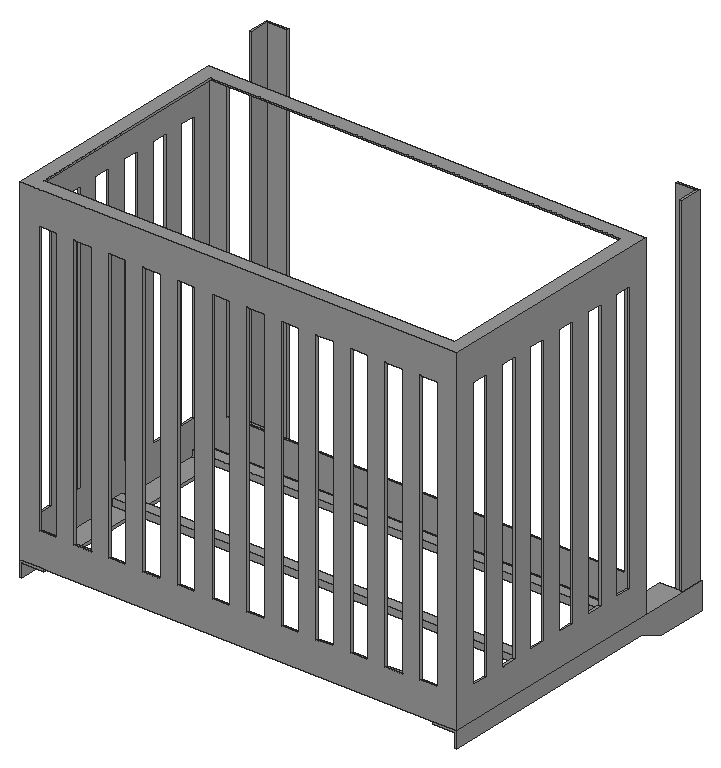
Revit family "22833 Корзина для кондиционера «Вертикаль» Хоббика", category Антураж, Revit 2018
Family settings
  На основе рабочей плоскости = Нет
  Всегда вертикально = Да
  При загрузке вырезать с полостями = Нет
  Источник визуального образа = Геометрия семейства
  Общий = Нет
  Точка расчета площади = Нет
Parameters (values of type "Корзина для кондиционера «Вертикаль»")
  Ширина = 700 mm  # constant formula
  Цвет каркаса = Сталь
  Описание = "Корзина для кондиционера «Вертикаль»"  # constant formula
  Материал изделия = "Сталь"  # constant formula
  Изображение типоразмера = Корзина для кондиционера «Вертикаль» Арт 22833.png
  Изготовитель = "ООО «Хоббика»"  # constant formula
  Длина = 1000 mm  # constant formula
  Группа модели = "Корзины для кондиционеров"  # constant formula
  Высота = 800 mm  # constant formula
  Артикул товара = "Арт. 22833"  # constant formula
  URL = "https://hobbyka.ru/product/korzina_dlya_konditsionera_vertikal/"
Reference planes
  plane 1 "По центру (Вперед/Назад)": y = 0
  plane 2: z = 0
  plane 3 "По центру (Влево/Вправо)": x = 0
  plane 4: x = 1000
  plane 5: y = 700
  plane 6: z = 800
Forms (mm)
  Extrusion 1, solid, material "Сталь" <- "Цвет каркаса"
    sketch origin (0, 0, 0) x (1, 0, 0) y (0, 1, 0)
      loop
        line (5, 700) -> (5, 650) -> (10, 650) -> (10, 695) -> (55, 695) -> (55, 700) -> (5, 700)
      loop
        line (995, 700) -> (945, 700) -> (945, 695) -> (990, 695) -> (990, 650) -> (995, 650) -> (995, 700)
    from -60 to 800
  Extrusion 2, solid, material "Сталь" <- "Цвет каркаса"
    sketch origin (0, 0, 0) x (0, 1, 0) y (0, 0, 1)
      loop
        line (700, 0) -> (0, 0) -> (0, -35) -> (525, -35) -> (585, -60) -> (700, -60) -> (700, 0)
    from 0 to 5
  Extrusion 3, solid, material "Сталь" <- "Цвет каркаса"
    sketch origin (0, 0, 0) x (0, 1, 0) y (0, 0, 1)
      loop
        line (700, 0) -> (0, 0) -> (0, -35) -> (525, -35) -> (585, -60) -> (700, -60) -> (700, 0)
    from 995 to 1000
  Extrusion 4, solid, material "Сталь" <- "Цвет каркаса"
    sketch origin (0, 0, 0) x (1, 0, 0) y (0, 0, 1)
      loop
        line (5, 0) -> (5, -5) -> (55, -5) -> (55, 0) -> (5, 0)
      loop
        line (945, 0) -> (945, -5) -> (995, -5) -> (995, 0) -> (945, 0)
    from 0 to -650
  Extrusion 5, solid, material "Сталь" <- "Цвет каркаса"
    sketch origin (0, 0, 0) x (1, 0, 0) y (0, 1, 0)
      loop
        line (0, 540) -> (0, 0) -> (1000, 0) -> (1000, 540) -> (0, 540)
      loop
        line (5, 535) -> (5, 5) -> (995, 5) -> (995, 535) -> (5, 535)
    from 0 to 775
  Extrusion 6, solid, material "Сталь" <- "Цвет каркаса"
    sketch origin (0, 0, 0) x (1, 0, 0) y (0, 1, 0)
      loop
        line (5, 510) -> (5, 485) -> (995, 485) -> (995, 510) -> (5, 510)
    from 0 to 15
  Extrusion 7, solid, material "Сталь" <- "Цвет каркаса"
    sketch origin (0, -455, 0) x (1, 0, 0) y (0, 1, 0)
      loop
        line (5, 510) -> (5, 485) -> (995, 485) -> (995, 510) -> (5, 510)
    from 0 to 15
  Extrusion 8, solid, material "Сталь" <- "Цвет каркаса"
    sketch origin (0, -227.5, 0) x (1, 0, 0) y (0, 1, 0)
      loop
        line (5, 510) -> (5, 485) -> (995, 485) -> (995, 510) -> (5, 510)
    from 0 to 15
  Extrusion 9, void
    sketch origin (0, 0, 0) x (0, 1, 0) y (0, 0, 1)
      loop
        line (495, 695) -> (455, 695) -> (455, 75) -> (495, 75) -> (495, 695)
    from 0 to 1000
  Extrusion 10, void
    sketch origin (0, -410, 0) x (0, 1, 0) y (0, 0, 1)
      loop
        line (495, 695) -> (455, 695) -> (455, 75) -> (495, 75) -> (495, 695)
    from 0 to 1000
  Extrusion 11, void
    sketch origin (0, -82, 0) x (0, 1, 0) y (0, 0, 1)
      loop
        line (495, 695) -> (455, 695) -> (455, 75) -> (495, 75) -> (495, 695)
    from 0 to 1000
  Extrusion 12, void
    sketch origin (0, -164, 0) x (0, 1, 0) y (0, 0, 1)
      loop
        line (495, 695) -> (455, 695) -> (455, 75) -> (495, 75) -> (495, 695)
    from 0 to 1000
  Extrusion 13, void
    sketch origin (0, -246, 0) x (0, 1, 0) y (0, 0, 1)
      loop
        line (495, 695) -> (455, 695) -> (455, 75) -> (495, 75) -> (495, 695)
    from 0 to 1000
  Extrusion 14, void
    sketch origin (0, -328, 0) x (0, 1, 0) y (0, 0, 1)
      loop
        line (495, 695) -> (455, 695) -> (455, 75) -> (495, 75) -> (495, 695)
    from 0 to 1000
  Extrusion 15, void
    sketch origin (0, 0, 0) x (1, 0, 0) y (0, 0, 1)
      loop
        line (45, 700) -> (45, 75) -> (85, 75) -> (85, 700) -> (45, 700)
    from 0 to -55
  Extrusion 16, void
    sketch origin (870, 0, 0) x (1, 0, 0) y (0, 0, 1)
      loop
        line (45, 700) -> (45, 75) -> (85, 75) -> (85, 700) -> (45, 700)
    from 0 to -55
  Extrusion 17, void
    sketch origin (79.091, 0, 0) x (1, 0, 0) y (0, 0, 1)
      loop
        line (45, 700) -> (45, 75) -> (85, 75) -> (85, 700) -> (45, 700)
    from 0 to -55
  Extrusion 18, void
    sketch origin (158.182, 0, 0) x (1, 0, 0) y (0, 0, 1)
      loop
        line (45, 700) -> (45, 75) -> (85, 75) -> (85, 700) -> (45, 700)
    from 0 to -55
  Extrusion 19, void
    sketch origin (237.273, 0, 0) x (1, 0, 0) y (0, 0, 1)
      loop
        line (45, 700) -> (45, 75) -> (85, 75) -> (85, 700) -> (45, 700)
    from 0 to -55
  Extrusion 20, void
    sketch origin (316.364, 0, 0) x (1, 0, 0) y (0, 0, 1)
      loop
        line (45, 700) -> (45, 75) -> (85, 75) -> (85, 700) -> (45, 700)
    from 0 to -55
  Extrusion 21, void
    sketch origin (395.455, 0, 0) x (1, 0, 0) y (0, 0, 1)
      loop
        line (45, 700) -> (45, 75) -> (85, 75) -> (85, 700) -> (45, 700)
    from 0 to -55
  Extrusion 22, void
    sketch origin (474.545, 0, 0) x (1, 0, 0) y (0, 0, 1)
      loop
        line (45, 700) -> (45, 75) -> (85, 75) -> (85, 700) -> (45, 700)
    from 0 to -55
  Extrusion 23, void
    sketch origin (553.636, 0, 0) x (1, 0, 0) y (0, 0, 1)
      loop
        line (45, 700) -> (45, 75) -> (85, 75) -> (85, 700) -> (45, 700)
    from 0 to -55
  Extrusion 24, void
    sketch origin (632.727, 0, 0) x (1, 0, 0) y (0, 0, 1)
      loop
        line (45, 700) -> (45, 75) -> (85, 75) -> (85, 700) -> (45, 700)
    from 0 to -55
  Extrusion 25, void
    sketch origin (711.818, 0, 0) x (1, 0, 0) y (0, 0, 1)
      loop
        line (45, 700) -> (45, 75) -> (85, 75) -> (85, 700) -> (45, 700)
    from 0 to -55
  Extrusion 26, void
    sketch origin (790.909, 0, 0) x (1, 0, 0) y (0, 0, 1)
      loop
        line (45, 700) -> (45, 75) -> (85, 75) -> (85, 700) -> (45, 700)
    from 0 to -55
  Extrusion 27, solid, material "Сталь" <- "Цвет каркаса"
    sketch origin (0, 0, 0) x (1, 0, 0) y (0, 1, 0)
      loop
        line (5, 535) -> (5, 5) -> (995, 5) -> (995, 535) -> (5, 535)
      loop
        line (30, 510) -> (30, 30) -> (970, 30) -> (970, 510) -> (30, 510)
    from 770 to 775
  Extrusion 28, void
    sketch origin (0, 0, 0) x (1, 0, 0) y (0, 0, 1)
      loop
        line (45, 754.336) -> (45, 74.336) -> (955, 74.336) -> (955, 754.336) -> (45, 754.336)
    from -540 to -535
Cuts and joins
  joined: Extrusion 2, Extrusion 3, Extrusion 4
  Extrusion 9, Extrusion 10, Extrusion 11, Extrusion 12, Extrusion 13, Extrusion 14, Extrusion 15, Extrusion 16, Extrusion 17, Extrusion 18, Extrusion 19, Extrusion 20, Extrusion 21, Extrusion 22, Extrusion 23, Extrusion 24, Extrusion 25, Extrusion 26, Extrusion 28 cuts Extrusion 5
  Extrusion 28 cuts Extrusion 27
  joined: Extrusion 5, Extrusion 27
Dimensions and locks
  "Длина": plane 3 "По центру (Влево/Вправо)" to plane 4
  "Ширина": plane 5 to plane 1 "По центру (Вперед/Назад)"
  "Высота": plane 6 to plane 2
  equal spacing: group 1, group 3, group 2  (x2)
  equal spacing: group 2, group 3, group 1
  equal spacing: group 4, group 6, group 7, group 8, group 9, group 5  (x2)
  equal spacing: group 5, group 9, group 8, group 7, group 6, group 4
  equal spacing: group 10, group 12, group 13, group 14, group 15, group 16, group 17, group 18, group 19, group 20, group 21, group 11  (x3)
  aligned and locked: level to plane 2
Automatic sketch dimensions
  Extrusion 1 sketch curve to plane 5 = 0 mm  (x2)
  plane 3 "По центру (Влево/Вправо)" to Extrusion 1 sketch curve = 5 mm
  Extrusion 1 sketch curve to Extrusion 1 sketch curve = 5 mm
  Extrusion 1 sketch curve to plane 5 = 5 mm  (x2)
  Extrusion 1 sketch curve to Extrusion 1 sketch curve = 45 mm  (x3)
  Extrusion 1 sketch curve to plane 4 = 55 mm
  Extrusion 1 sketch curve to plane 4 = 10 mm
  Extrusion 1 sketch curve to plane 4 = 5 mm
  Extrusion 2 sketch curve to level = 0 mm
  Extrusion 2 sketch curve to plane 1 "По центру (Вперед/Назад)" = 0 mm
  Extrusion 2 sketch curve to plane 5 = 0 mm
  Extrusion 2 sketch curve to level = 35 mm
  Extrusion 2 sketch curve to plane 5 = 175 mm
  Extrusion 2 sketch curve to Extrusion 2 sketch curve = 60 mm
  Extrusion 2 sketch curve to level = 60 mm
  Extrusion 3 sketch curve to level = 0 mm
  Extrusion 3 sketch curve to plane 1 "По центру (Вперед/Назад)" = 0 mm
  Extrusion 3 sketch curve to plane 5 = 0 mm
  Extrusion 3 sketch curve to level = 35 mm
  Extrusion 3 sketch curve to plane 5 = 175 mm
  Extrusion 3 sketch curve to Extrusion 3 sketch curve = 60 mm
  Extrusion 3 sketch curve to level = 60 mm
  Extrusion 4 sketch curve to level = 0 mm  (x2)
  plane 3 "По центру (Влево/Вправо)" to Extrusion 4 sketch curve = 5 mm
  Extrusion 4 sketch curve to level = 5 mm  (x2)
  Extrusion 4 sketch curve to Extrusion 4 sketch curve = 50 mm
  Extrusion 4 sketch curve to plane 4 = 55 mm
  Extrusion 4 sketch curve to plane 4 = 5 mm
  plane 1 "По центру (Вперед/Назад)" to Extrusion 5 sketch curve = 0 mm
  Extrusion 5 sketch curve to plane 3 "По центру (Влево/Вправо)" = 0 mm
  Extrusion 5 sketch curve to plane 4 = 0 mm
  Extrusion 5 sketch curve to plane 5 = 160 mm
  Extrusion 5 sketch curve to plane 1 "По центру (Вперед/Назад)" = 5 mm
  Extrusion 5 sketch curve to Extrusion 5 sketch curve = 5 mm
  plane 3 "По центру (Влево/Вправо)" to Extrusion 5 sketch curve = 5 mm
  Extrusion 5 sketch curve to plane 4 = 5 mm
  Extrusion 6 sketch curve to Extrusion 6 sketch curve = 25 mm
  Extrusion 6 sketch curve to Extrusion 6 sketch curve = 990 mm
  Extrusion 7 sketch curve to Extrusion 7 sketch curve = 25 mm
  Extrusion 7 sketch curve to Extrusion 7 sketch curve = 990 mm
  Extrusion 8 sketch curve to Extrusion 8 sketch curve = 25 mm
  Extrusion 8 sketch curve to Extrusion 8 sketch curve = 990 mm
  Extrusion 9 sketch curve to Extrusion 9 sketch curve = 40 mm
  Extrusion 9 sketch curve to Extrusion 9 sketch curve = 620 mm
  Extrusion 10 sketch curve to Extrusion 10 sketch curve = 40 mm
  Extrusion 10 sketch curve to Extrusion 10 sketch curve = 620 mm
  Extrusion 11 sketch curve to Extrusion 11 sketch curve = 40 mm
  Extrusion 11 sketch curve to Extrusion 11 sketch curve = 620 mm
  Extrusion 12 sketch curve to Extrusion 12 sketch curve = 40 mm
  Extrusion 12 sketch curve to Extrusion 12 sketch curve = 620 mm
  Extrusion 13 sketch curve to Extrusion 13 sketch curve = 40 mm
  Extrusion 13 sketch curve to Extrusion 13 sketch curve = 620 mm
  Extrusion 14 sketch curve to Extrusion 14 sketch curve = 40 mm
  Extrusion 14 sketch curve to Extrusion 14 sketch curve = 620 mm
  Extrusion 15 sketch curve to Extrusion 15 sketch curve = 40 mm
  Extrusion 15 sketch curve to Extrusion 15 sketch curve = 625 mm
  Extrusion 16 sketch curve to Extrusion 16 sketch curve = 40 mm
  Extrusion 16 sketch curve to Extrusion 16 sketch curve = 625 mm
  Extrusion 17 sketch curve to Extrusion 17 sketch curve = 40 mm
  Extrusion 17 sketch curve to Extrusion 17 sketch curve = 625 mm
  Extrusion 18 sketch curve to Extrusion 18 sketch curve = 40 mm
  Extrusion 18 sketch curve to Extrusion 18 sketch curve = 625 mm
  Extrusion 19 sketch curve to Extrusion 19 sketch curve = 40 mm
  Extrusion 19 sketch curve to Extrusion 19 sketch curve = 625 mm
  Extrusion 20 sketch curve to Extrusion 20 sketch curve = 40 mm
  Extrusion 20 sketch curve to Extrusion 20 sketch curve = 625 mm
  Extrusion 21 sketch curve to Extrusion 21 sketch curve = 40 mm
  Extrusion 21 sketch curve to Extrusion 21 sketch curve = 625 mm
  Extrusion 22 sketch curve to Extrusion 22 sketch curve = 40 mm
  Extrusion 22 sketch curve to Extrusion 22 sketch curve = 625 mm
  Extrusion 23 sketch curve to Extrusion 23 sketch curve = 40 mm
  Extrusion 23 sketch curve to Extrusion 23 sketch curve = 625 mm
  Extrusion 24 sketch curve to Extrusion 24 sketch curve = 40 mm
  Extrusion 24 sketch curve to Extrusion 24 sketch curve = 625 mm
  Extrusion 25 sketch curve to Extrusion 25 sketch curve = 40 mm
  Extrusion 25 sketch curve to Extrusion 25 sketch curve = 625 mm
  Extrusion 26 sketch curve to Extrusion 26 sketch curve = 40 mm
  Extrusion 26 sketch curve to Extrusion 26 sketch curve = 625 mm
  plane 3 "По центру (Влево/Вправо)" to Extrusion 27 sketch curve = 5 mm
  Extrusion 27 sketch curve to plane 4 = 5 mm
  Extrusion 27 sketch curve to plane 1 "По центру (Вперед/Назад)" = 5 mm
  Extrusion 27 sketch curve to plane 5 = 165 mm
  Extrusion 27 sketch curve to Extrusion 27 sketch curve = 25 mm  (x4)
  plane 3 "По центру (Влево/Вправо)" to Extrusion 28 sketch curve = 45 mm
  Extrusion 28 sketch curve to plane 4 = 45 mm
  level to Extrusion 28 sketch curve = 74.336 mm
  Extrusion 28 sketch curve to plane 6 = 45.664 mm
